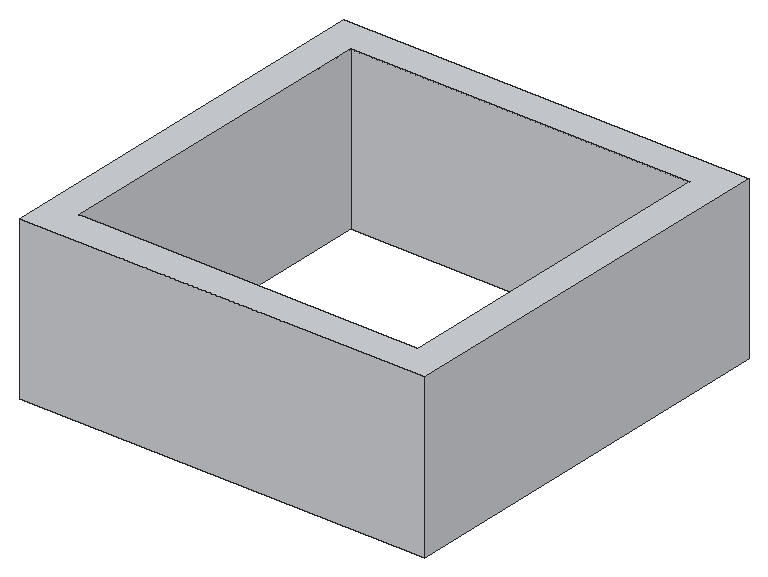
Revit family "Nicho Retangular", category Modelos genéricos, Revit 2019
Family settings
  Pode hospedar o vergalhão = Não
  Cota do conector redondo = Utilizar diâmetro
  Tipo de parte = Normal
  Com base no plano de trabalho = Não
  Sempre na vertical = Sim
  Corte com vazios quando carregada = Não
  Compartilhado = Não
  Ponto de cálculo do ambiente = Não
Parameters
  Profundidade [instance] = 20 cm
  Largura [instance] = 50 cm
  Espessura Nicho [instance] = 4 cm
  Altura [instance] = 50 cm
Reference planes (cm)
  plane 1 "Centro (Frente/Trás)": y = 0
  plane 2: z = 0
  plane 3 "Centro (Esquerda/Direita)": x = 0
  plane 4: x = -25
  plane 5: x = 25
  plane 6: y = 25
  plane 7: y = -25
  plane 8: z = 20
Forms (cm)
  Extrusion 1, solid
    sketch origin (0, 0, 0) x (1, 0, 0) y (0, 1, 0)
      loop
        line (-25, 25) -> (-25, -25) -> (25, -25) -> (25, 25) -> (-25, 25)
      loop
        line (21, 21) -> (-21, 21) -> (-21, -21) -> (21, -21) -> (21, 21)
    from 0 to 20
Dimensions and locks (cm)
  equal spacing: plane 4, plane 3 "Centro (Esquerda/Direita)", plane 5
  "Largura": plane 4 to plane 5
  equal spacing: plane 6, plane 1 "Centro (Frente/Trás)", plane 7
  "Altura": plane 6 to plane 7
  "Espessura Nicho": Extrusion 1 sketch curve to Extrusion 1 sketch curve  (x4)
  "Profundidade": plane 8 to level
  aligned and locked: level to plane 2
  aligned and locked: Extrusion 1 sketch curve to plane 6
  aligned and locked: Extrusion 1 sketch curve to plane 4
  aligned and locked: Extrusion 1 sketch curve to plane 7
  aligned and locked: Extrusion 1 sketch curve to plane 5
  aligned and locked: plane 8 to Extrusion 1
